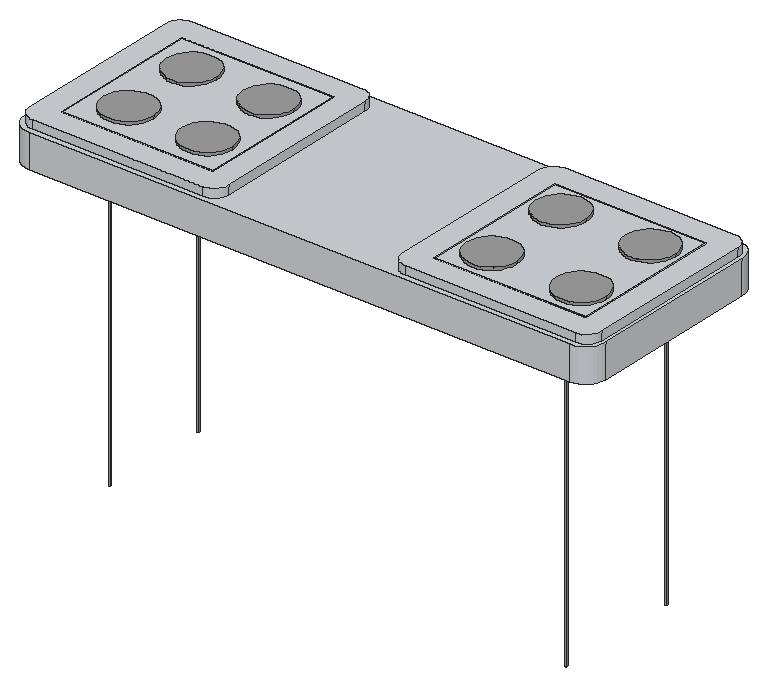
Revit family "Lighting-Industriale-GEWISS-SMART[4]HE_APPARECCHI-LED_2M_DALI", category Apparecchi per illuminazione, Revit 2019
Family settings
  Quota connettore circolare = Usa diametro
  Tipo di parte = Normale
  Numero OmniClass = 23.80.70.00
  Titolo OmniClass = Lighting
  Basato su piano di lavoro = Sì
  Sempre verticale = No
  Taglio con vuoti quando caricato = No
  Sorgente d'illuminazione = No
  Condiviso = No
  Punto di calcolo locali = No
Parameters (values of type "GWS4223AQ857 - SMART4HB 2M C.PAS.DALI ELL.57K")
  Voltaggio = 230 V
  Viti esterne = "Acciaio inox"
  Versione file RFA = "20.11"
  Vano di alimentazione = "Integrato"
  URL = "https://www.gewiss.com/it/it"
  Tolleranza cromatica = "SDCM = 3"
  Tipologia sorgente luminosa = "LED - Non sostituibile"
  Tipo di installazione e montaggio = "Plafone - Parete - Sospensione"
  Tipo di apparecchio = "Riflettore industriale a LED&nbsp;"
  Tensione di alimentazione = "220 - 240 V"
  Temperatura di stoccaggio = "-40 +70 °C"
  Temperatura di esercizio = "-30°C ÷ +50 °C"
  Temperatura di colore = "5700K"
  Superficie massima esposta al vento : = "0,184 m²"
  Spostamento_y_etichetta [instance] = 0 mm
  Spostamento_y_effettivo_etichetta [instance] = 1500 mm - Spostamento_y_etichetta  # 1500 mm
  Spostamento_x_etichetta [instance] = 0 mm
  Spostamento_X_effettivo_etichetta [instance] = 1500 mm - Spostamento_x_etichetta  # 1500 mm
  SostituibilitÃ  piastra di cablaggio = "Non sostituibile"
  SostituibilitÃ  gruppo ottico = "Non sostituibile"
  Sistema di controllo : = "DALI"
  Sistema di controllo = "1 x DALI DT6"
  Schermo = "Vetro Temprato Spessore 4mm"
  Scheda Tecnica = "https://www.gewiss.com/it/it/search?q=GWS4223AQ857"
  SEO = "High bay"
  Resistenza al filo incandescente = "850 °C"
  Resistenza agli urti = "IK08"
  Produttore = "GEWISS S.p.A."
  Potenza di sistema = "95W"
  Peso (kg): = "6,5"
  Ottica = "Ellittica"
  Offset etichetta W [instance] = 150 mm
  Norma di riferimento = "EN 60598-1 ; EN 60598-2-1 ; EN 60598-2-24"
  Modello = "GWS4223AQ857"
  Materiali = "-"
  Lumen output (lm) = "12300"
  Lampada = "LED"
  Installazione e manutenzione = "-"
  Informazioni generali = "-"
  Indice di resa cromatica = "CRI-80"
  Inclinazione = "Con accessorio staffa"
  Immagine tipo = GWL1311.jpg
  IPEA = "-"
  IFC.TypeObject = ""
  IFC.ExportType = ""
  IFC.ExportAs = ""
  IDT = "32167967fdf74962832821affbd5ec12"
  IDF = "ccb2858a-98df-48b0-bf72-33839f1a2588"
  Guarnizioni = "tipo siliconico antinvecchiamento "
  Gruppo ottico = "Riflettore in PC metallizzato e lenti in PMMA"
  Grado di protezione = "IP66"
  Garanzia = "5 anni"
  Gancio di chiusura = "-"
  Frequenza nominale (Hz) = "50/60 Hz"
  Fissaggio = "-"
  Finitura colore = "Grigio RAL 7035"
  Etichetta wattaggio [instance] = yes
  Trasformatore = none
  Struttura plafoniera = none
  Spessore plafoniera = 40 mm  # constant formula
  Default Elevation = 1219.2 mm  # constant formula
  Proiettsmart2_simb [instance] = yes
  Plafoniera bidimensionale [instance] = not(Proiettsmart2_simb)  # no
  Efficienza luminosa (lm/W) = "129"
  Durata di vita = "L90B10 (Tq+25°C) = 100.000 h - L90B10 (Tq+50°C) = 50.000 h"
  Dispositivo di protezione = "DM 6 kV / CM 10 kV"
  Descrizione = "SMART[4]HB 2M C.PAS.DALI ELL.57K"
  Creato da GEWISS S.p.A. = ""
  Corpo = "PA6 “Halogen Free” caricato fibra vetro"
  Controllo abbagliamento e luminanza = "-"
  Contesto = "Illuminazione di industrie e impianti sportivi"
  Commenti sul wattaggio = "97W"
  Colore = "Grigio RAL 7035"
  Codice digitale univoco (Datamatrix) = "Datamatrix"
  Codice Electrocod = "2444"
  Classificazione: = "-"
  Classificazione = Lighting
  Classe isolamento = "I"
  Classe fotobiologica = "RG0"
  Certificazioni e classificazioni = "-"
  Certificazione DIN 18032-3 = "Con Staffa - Kit Funi + morsetto (in approvazione)"
  Catalogo = "LIGHTING"
  Carico apparente = 97 VA
  Motore = none
  Mascherina = none
  Lunghezza = 699 mm  # constant formula
  Larghezza = 254 mm  # constant formula
  Distanza_tot_plafoniera [instance] = 350 mm
  Dist_sorg_lum = 10 mm  # constant formula
  Caratteristiche ottiche e illuminotecniche = "-"
  Caratteristiche elettriche e gestione della luce = "-"
  Cablaggio = "Con connettore stagno Gw connect"
  COBie.Tagnumber = ""
  COBie.CreatedOn = ""
  COBie.CreatebBy = ""
  COBie.ComponentRegisterItemID = ""
  COBie.Component.TagNumber = ""
  COBie.Component.Space = ""
  COBie.Component.SerialNumber = ""
  COBie.Component.InstallationDate = ""
  COBie.Component.Description = ""
  COBie.Component.BarCode = ""
  Applicazione = "Interno"
  Apparecchio a ridotta temperatura superficiale = "Si"
  Alimentatore = "Incluso"
Types (36, lengths in mm): name | Temperatura di colore | Scheda Tecnica | SEO | Ottica | Modello | Lumen output (lm) | IDT | Gruppo ottico | Efficienza luminosa (lm/W) | Descrizione | Controllo abbagliamento e luminanza
  GWS4221AA830 - SMART4HB 2M ST.AL.DALI ARR.30K | "3000K" | "https://www.gewiss.com/it/it/search?q=GWS4221AA830" | "" | "Array" | "GWS4221AA830" | "13200" | "b865a2e2c8b047d9b6bc49286984b836" | "Riflettore in PC metallizzato" | "139" | "SMART[4]HB 2M ST.AL.DALI ARR.30K" | "UGR - 25"
  GWS4221AA840 - SMART4HB 2M ST.AL.DALI ARR.40K | "4000K" | "https://www.gewiss.com/it/it/search?q=GWS4221AA840" | "" | "Array" | "GWS4221AA840" | "13800" | "b54547127707429fb9ee1206f5cd7dd9" | "Riflettore in PC metallizzato" | "145" | "SMART[4]HB 2M ST.AL.DALI ARR.40K" | "UGR - 25"
  GWS4221AA857 - SMART4HB 2M ST.AL.DALI ARR.57K | "5700K" | "https://www.gewiss.com/it/it/search?q=GWS4221AA857" | "" | "Array" | "GWS4221AA857" | "13800" | "e6f70cce2a2e43ae9fd1076ca4ec800f" | "Riflettore in PC metallizzato" | "145" | "SMART[4]HB 2M ST.AL.DALI ARR.57K" | "UGR - 25"
  GWS4221AC830 - SMART4HB 2M ST.AL.DALI ASI.30K | "3000K" | "https://www.gewiss.com/it/it/search?q=GWS4221AC830" | "High bay" | "Asimmetrica" | "GWS4221AC830" | "11900" | "80705aa437b347e2877e50831cb1adcb" | "Riflettore in PC metallizzato e lenti in PMMA" | "125" | "SMART[4]HB 2M ST.AL.DALI ASI.30K" | "-"
  GWS4221AC840 - SMART4HB 2M ST.AL.DALI ASI.40K | "4000K" | "https://www.gewiss.com/it/it/search?q=GWS4221AC840" | "High bay" | "Asimmetrica" | "GWS4221AC840" | "12500" | "1ce56aeedba34fa2abb54ff85eab14e0" | "Riflettore in PC metallizzato e lenti in PMMA" | "132" | "SMART[4]HB 2M ST.AL.DALI ASI.40K" | "-"
  GWS4221AC857 - SMART4HB 2M ST.AL.DALI ASI.57K | "5700K" | "https://www.gewiss.com/it/it/search?q=GWS4221AC857" | "High bay" | "Asimmetrica" | "GWS4221AC857" | "12500" | "bfd6b94ade564b84b2509e22f7f32121" | "Riflettore in PC metallizzato e lenti in PMMA" | "132" | "SMART[4]HB 2M ST.AL.DALI ASI.57K" | "-"
  GWS4221AF830 - SMART4HB 2M ST.AL.DALI 30° 30K | "3000K" | "https://www.gewiss.com/it/it/search?q=GWS4221AF830" | "" | "30°" | "GWS4221AF830" | "13000" | "281d607556bd41c585f14a8e0b887b9b" | "Riflettore in PC metallizzato e lenti in PMMA" | "137" | "SMART[4]HB 2M ST.AL.DALI 30° 30K" | "UGR - 19"
  GWS4221AF840 - SMART4HB 2M ST.AL.DALI 30° 40K | "4000K" | "https://www.gewiss.com/it/it/search?q=GWS4221AF840" | "" | "30°" | "GWS4221AF840" | "13700" | "395066f94ea348d5ad0ebd49f748b504" | "Riflettore in PC metallizzato e lenti in PMMA" | "144" | "SMART[4]HB 2M ST.AL.DALI 30° 40K" | "UGR - 19"
  GWS4221AF857 - SMART4HB 2M ST.AL.DALI 30° 57K | "5700K" | "https://www.gewiss.com/it/it/search?q=GWS4221AF857" | "" | "30°" | "GWS4221AF857" | "13700" | "d1fd0450565c47debc265d46141225ad" | "Riflettore in PC metallizzato e lenti in PMMA" | "144" | "SMART[4]HB 2M ST.AL.DALI 30° 57K" | "UGR - 19"
  GWS4221AH830 - SMART4HB 2M ST.AL.DALI 60° 30K | "3000K" | "https://www.gewiss.com/it/it/search?q=GWS4221AH830" | "" | "60°" | "GWS4221AH830" | "13100" | "938f944c41834f4d8f433163e20f6686" | "Riflettore in PC metallizzato e lenti in PMMA" | "138" | "SMART[4]HB 2M ST.AL.DALI 60° 30K" | "UGR - 22"
  GWS4221AH840 - SMART4HB 2M ST.AL.DALI 60° 40K | "4000K" | "https://www.gewiss.com/it/it/search?q=GWS4221AH840" | "" | "60°" | "GWS4221AH840" | "13800" | "369f6eaffee74df8a55e7fc2b71a5c7d" | "Riflettore in PC metallizzato e lenti in PMMA" | "145" | "SMART[4]HB 2M ST.AL.DALI 60° 40K" | "UGR - 22"
  GWS4221AH857 - SMART4HB 2M ST.AL.DALI 60° 57K | "5700K" | "https://www.gewiss.com/it/it/search?q=GWS4221AH857" | "" | "60°" | "GWS4221AH857" | "13800" | "792f55c4c1174e33abdd76c4346557cb" | "Riflettore in PC metallizzato e lenti in PMMA" | "145" | "SMART[4]HB 2M ST.AL.DALI 60° 57K" | "UGR - 22"
  GWS4221AP830 - SMART4HB 2M ST.AL.DALI 90° 30K | "3000K" | "https://www.gewiss.com/it/it/search?q=GWS4221AP830" | "" | "90°" | "GWS4221AP830" | "13300" | "32701e0ba8114ac5852caf331c4def78" | "Riflettore in PC metallizzato e lenti in PMMA" | "140" | "SMART[4]HB 2M ST.AL.DALI 90° 30K" | "UGR - 22"
  GWS4221AP840 - SMART4HB 2M ST.AL.DALI 90° 40K | "4000K" | "https://www.gewiss.com/it/it/search?q=GWS4221AP840" | "" | "90°" | "GWS4221AP840" | "13900" | "bd980aed2184499a849565e8af8de209" | "Riflettore in PC metallizzato e lenti in PMMA" | "146" | "SMART[4]HB 2M ST.AL.DALI 90° 40K" | "UGR - 22"
  GWS4221AP857 - SMART4HB 2M ST.AL.DALI 90° 57K | "5700K" | "https://www.gewiss.com/it/it/search?q=GWS4221AP857" | "" | "90°" | "GWS4221AP857" | "13900" | "81d9c508c6104fe1969d1fbed84eeaa1" | "Riflettore in PC metallizzato e lenti in PMMA" | "146" | "SMART[4]HB 2M ST.AL.DALI 90° 57K" | "UGR - 22"
  GWS4221AQ830 - SMART4HB 2M ST.AL.DALI ELL.30K | "3000K" | "https://www.gewiss.com/it/it/search?q=GWS4221AQ830" | "High bay" | "Ellittica" | "GWS4221AQ830" | "11800" | "cffb534a4e4249378c99dec0f11dbbad" | "Riflettore in PC metallizzato e lenti in PMMA" | "124" | "SMART[4]HB 2M ST.AL.DALI ELL.30K" | "-"
  GWS4221AQ840 - SMART4HB 2M ST.AL.DALI ELL.40K | "4000K" | "https://www.gewiss.com/it/it/search?q=GWS4221AQ840" | "High bay" | "Ellittica" | "GWS4221AQ840" | "12300" | "5fed3b31ed3f434ba84a4190ffbaf34e" | "Riflettore in PC metallizzato e lenti in PMMA" | "129" | "SMART[4]HB 2M ST.AL.DALI ELL.40K" | "-"
  GWS4221AQ857 - SMART4HB 2M ST.AL.DALI ELL.57K | "5700K" | "https://www.gewiss.com/it/it/search?q=GWS4221AQ857" | "High bay" | "Ellittica" | "GWS4221AQ857" | "12300" | "2eac35366090485890a5d355d690f073" | "Riflettore in PC metallizzato e lenti in PMMA" | "129" | "SMART[4]HB 2M ST.AL.DALI ELL.57K" | "-"
  GWS4223AA830 - SMART4HB 2M C.PAS.DALI ARR.30K | "3000K" | "https://www.gewiss.com/it/it/search?q=GWS4223AA830" | "" | "Array" | "GWS4223AA830" | "13200" | "564fa0cfe04f4f1699bce5a00328dfe3" | "Riflettore in PC metallizzato" | "139" | "SMART[4]HB 2M C.PAS.DALI ARR.30K" | "UGR - 25"
  GWS4223AA840 - SMART4HB 2M C.PAS.DALI ARR.40K | "4000K" | "https://www.gewiss.com/it/it/search?q=GWS4223AA840" | "" | "Array" | "GWS4223AA840" | "13800" | "7d10b2ce0a094a1084b2c7b7bee1310e" | "Riflettore in PC metallizzato" | "145" | "SMART[4]HB 2M C.PAS.DALI ARR.40K" | "UGR - 25"
  GWS4223AA857 - SMART4HB 2M C.PAS.DALI ARR.57K | "5700K" | "https://www.gewiss.com/it/it/search?q=GWS4223AA857" | "" | "Array" | "GWS4223AA857" | "13800" | "15c6dcb258524cca9c5cea4a57edad43" | "Riflettore in PC metallizzato" | "145" | "SMART[4]HB 2M C.PAS.DALI ARR.57K" | "UGR - 25"
  GWS4223AC830 - SMART4HB 2M C.PAS.DALI ASI.30K | "3000K" | "https://www.gewiss.com/it/it/search?q=GWS4223AC830" | "High bay" | "Asimmetrica" | "GWS4223AC830" | "11900" | "8ee71461ff374b55ac133abdc9461784" | "Riflettore in PC metallizzato e lenti in PMMA" | "125" | "SMART[4]HB 2M C.PAS.DALI ASI.30K" | "-"
  GWS4223AC840 - SMART4HB 2M C.PAS.DALI ASI.40K | "4000K" | "https://www.gewiss.com/it/it/search?q=GWS4223AC840" | "High bay" | "Asimmetrica" | "GWS4223AC840" | "12500" | "c901f6a2642b46b0948687a2b2e902c3" | "Riflettore in PC metallizzato e lenti in PMMA" | "132" | "SMART[4]HB 2M C.PAS.DALI ASI.40K" | "-"
  GWS4223AC857 - SMART4HB 2M C.PAS.DALI ASI.57K | "5700K" | "https://www.gewiss.com/it/it/search?q=GWS4223AC857" | "High bay" | "Asimmetrica" | "GWS4223AC857" | "12500" | "dde04335c46b4f93a3fea97912b7d28b" | "Riflettore in PC metallizzato e lenti in PMMA" | "132" | "SMART[4]HB 2M C.PAS.DALI ASI.57K" | "-"
  GWS4223AF830 - SMART4HB 2M C.PAS.DALI 30° 30K | "3000K" | "https://www.gewiss.com/it/it/search?q=GWS4223AF830" | "" | "30°" | "GWS4223AF830" | "13000" | "1653946d0137417b96f36f16f2bbaf13" | "Riflettore in PC metallizzato e lenti in PMMA" | "137" | "SMART[4]HB 2M C.PAS.DALI 30° 30K" | "UGR - 19"
  GWS4223AF840 - SMART4HB 2M C.PAS.DALI 30° 40K | "4000K" | "https://www.gewiss.com/it/it/search?q=GWS4223AF840" | "" | "30°" | "GWS4223AF840" | "13700" | "c0a92ffbab7848b3b0cf58a6bfcdc7ae" | "Riflettore in PC metallizzato e lenti in PMMA" | "144" | "SMART[4]HB 2M C.PAS.DALI 30° 40K" | "UGR - 19"
  GWS4223AF857 - SMART4HB 2M C.PAS.DALI 30° 57K | "5700K" | "https://www.gewiss.com/it/it/search?q=GWS4223AF857" | "" | "30°" | "GWS4223AF857" | "13700" | "30508b7da8294982b06402a14a2e3fa9" | "Riflettore in PC metallizzato e lenti in PMMA" | "144" | "SMART[4]HB 2M C.PAS.DALI 30° 57K" | "UGR - 19"
  GWS4223AH830 - SMART4HB 2M C.PAS.DALI 60° 30K | "3000K" | "https://www.gewiss.com/it/it/search?q=GWS4223AH830" | "" | "60°" | "GWS4223AH830" | "13100" | "89e126e8231f4087902cd8b49be00239" | "Riflettore in PC metallizzato e lenti in PMMA" | "138" | "SMART[4]HB 2M C.PAS.DALI 60° 30K" | "UGR - 22"
  GWS4223AH840 - SMART4HB 2M C.PAS.DALI 60° 40K | "4000K" | "https://www.gewiss.com/it/it/search?q=GWS4223AH840" | "" | "60°" | "GWS4223AH840" | "13800" | "34c185c3dc544acdb6b1852c42d50a11" | "Riflettore in PC metallizzato e lenti in PMMA" | "145" | "SMART[4]HB 2M C.PAS.DALI 60° 40K" | "UGR - 22"
  GWS4223AH857 - SMART4HB 2M C.PAS.DALI 60° 57K | "5700K" | "https://www.gewiss.com/it/it/search?q=GWS4223AH857" | "" | "60°" | "GWS4223AH857" | "13800" | "9f9d80a63a6d43a38bbe2473ef59e5b3" | "Riflettore in PC metallizzato e lenti in PMMA" | "145" | "SMART[4]HB 2M C.PAS.DALI 60° 57K" | "UGR - 22"
  GWS4223AP830 - SMART4HB 2M C.PAS.DALI 90° 30K | "3000K" | "https://www.gewiss.com/it/it/search?q=GWS4223AP830" | "" | "90°" | "GWS4223AP830" | "13300" | "761f9d89e44f40f385f9192560be381a" | "Riflettore in PC metallizzato e lenti in PMMA" | "140" | "SMART[4]HB 2M C.PAS.DALI 90° 30K" | "UGR - 22"
  GWS4223AP840 - SMART4HB 2M C.PAS.DALI 90° 40K | "4000K" | "https://www.gewiss.com/it/it/search?q=GWS4223AP840" | "" | "90°" | "GWS4223AP840" | "13900" | "b241c3769ad0415592636fb8f917034d" | "Riflettore in PC metallizzato e lenti in PMMA" | "146" | "SMART[4]HB 2M C.PAS.DALI 90° 40K" | "UGR - 22"
  GWS4223AP857 - SMART4HB 2M C.PAS.DALI 90° 57K | "5700K" | "https://www.gewiss.com/it/it/search?q=GWS4223AP857" | "" | "90°" | "GWS4223AP857" | "13900" | "97c92964d829466181c6f1e94b4793ca" | "Riflettore in PC metallizzato e lenti in PMMA" | "146" | "SMART[4]HB 2M C.PAS.DALI 90° 57K" | "UGR - 22"
  GWS4223AQ830 - SMART4HB 2M C.PAS.DALI ELL.30K | "3000K" | "https://www.gewiss.com/it/it/search?q=GWS4223AQ830" | "High bay" | "Ellittica" | "GWS4223AQ830" | "11800" | "168e43969bba4a3ca3ca2988db078bdf" | "Riflettore in PC metallizzato e lenti in PMMA" | "124" | "SMART[4]HB 2M C.PAS.DALI ELL.30K" | "-"
  GWS4223AQ840 - SMART4HB 2M C.PAS.DALI ELL.40K | "4000K" | "https://www.gewiss.com/it/it/search?q=GWS4223AQ840" | "High bay" | "Ellittica" | "GWS4223AQ840" | "12300" | "2030e09cb2f04742943c855c3525c557" | "Riflettore in PC metallizzato e lenti in PMMA" | "129" | "SMART[4]HB 2M C.PAS.DALI ELL.40K" | "-"
  GWS4223AQ857 - SMART4HB 2M C.PAS.DALI ELL.57K | "5700K" | "https://www.gewiss.com/it/it/search?q=GWS4223AQ857" | "High bay" | "Ellittica" | "GWS4223AQ857" | "12300" | "32167967fdf74962832821affbd5ec12" | "Riflettore in PC metallizzato e lenti in PMMA" | "129" | "SMART[4]HB 2M C.PAS.DALI ELL.57K" | "-"
Reference planes
  plane 1 "Asse sorgente illuminazione (F/B)": y = 0
  plane 2: z = 0
  plane 3 "Asse sorgente illuminazione (L/R)": x = 0
  plane 4 "Prospetto sorgente di illuminazione": z = 1500
  plane 5: x = -349.5
  plane 6: y = 127
  plane 7: x = 349.5
  plane 8: y = -127
  plane 9: x = 344.5
  plane 10: x = -344.5
  plane 11: x = -104.5
  plane 12: x = 104.5
  plane 13: y = -1500
  plane 14: z = 390
  plane 15: z = 390
  plane 16: z = 400
  plane 17: z = 350
  plane 18: y = 0
  plane 19: x = -1500
  plane 20: x = 0
Dimensions and locks
  equal spacing: plane 6, plane 1 "Asse sorgente illuminazione (F/B)", plane 8
  "Larghezza": plane 6 to plane 8
  equal spacing: plane 5, plane 3 "Asse sorgente illuminazione (L/R)", plane 7
  "Lunghezza": plane 5 to plane 7
  locked: plane 5 to plane 10 at 5
  locked: plane 9 to plane 7 at 5
  locked: plane 16 to plane 14 at 10
  locked: plane 15 to plane 17 at 40
  "Distanza_tot_plafoniera": plane 17 to plane 2
  plane 1 "Asse sorgente illuminazione (F/B)" to plane 13 = 1500 mm
  "Spostamento_y_effettivo_etichetta": plane 18 to plane 13
  plane 19 to plane 3 "Asse sorgente illuminazione (L/R)" = 1500 mm
  "Spostamento_X_effettivo_etichetta": plane 19 to plane 20
  aligned and locked: level to plane 2
  aligned and locked: nested 15 to plane 14
  aligned and locked: plane 14 to nested 16
  aligned and locked: plane 16 to nested 8
  aligned and locked: nested 6 to plane 16
  aligned and locked: plane 16 to nested 7
  aligned and locked: nested 5 to plane 16
  aligned and locked: nested 3 to plane 16
  aligned and locked: plane 16 to nested 1
  aligned and locked: nested 4 to plane 16
  aligned and locked: plane 16 to nested 2
  aligned and locked: nested 11 to plane 2  (x2)
  aligned and locked: nested 10 to plane 2
  aligned and locked: nested 9 to plane 2
  aligned and locked: plane 14 to plane 15
  aligned and locked: plane 17 to nested 14
  aligned and locked: nested 17 to plane 18
  aligned and locked: nested 17 to plane 20
  aligned and locked: plane 2 to nested 18
  aligned and locked: plane 2 to nested 11
Nested families
  nested 1: "Gewis - Led" at (171.717, 52, 403), type "Gewis - Led", detail levels medium+fine
  nested 2: "Gewis - Led" at (279.5, 52, 403), type "Gewis - Led", detail levels medium+fine
  nested 3: "Gewis - Led" at (171.717, -52, 403), type "Gewis - Led", detail levels medium+fine
  nested 4: "Gewis - Led" at (279.5, -52, 403), type "Gewis - Led", detail levels medium+fine
  nested 5: "Gewis - Led" at (-174.5, 45, 403) x (-1, 0, 0) z (0, 0, 1), type "Gewis - Led", detail levels medium+fine
  nested 6: "Gewis - Led" at (-269.5, 47.625, 403) x (-1, 0, 0) z (0, 0, 1), type "Gewis - Led", detail levels medium+fine
  nested 7: "Gewis - Led" at (-174.5, -47.089, 403) x (-1, 0, 0) z (0, 0, 1), type "Gewis - Led", detail levels medium+fine
  nested 8: "Gewis - Led" at (-269.5, -47.089, 403) x (-1, 0, 0) z (0, 0, 1), type "Gewis - Led", detail levels medium+fine
  nested 9: "Sospensione_ SMART LAB 4" at (274.838, 81.5, 0), Altezza sospensione <- "Distanza_tot_plafoniera", type "Sospensione_ SMART LAB 4"
    with Altezza sospensione 350 mm, Default Elevation 350 mm
  nested 10: "Sospensione_ SMART LAB 4" at (274.838, -69, 0), Altezza sospensione <- "Distanza_tot_plafoniera", type "Sospensione_ SMART LAB 4"
    with Altezza sospensione 350 mm, Default Elevation 350 mm
  nested 11: "Sospensione_ SMART LAB 4" at (-276.662, -66.5, 0), Altezza sospensione <- "Distanza_tot_plafoniera", type "Sospensione_ SMART LAB 4"
    with Altezza sospensione 350 mm, Default Elevation 350 mm
  nested 12: "PROIETTSMART - 2" at (0, 0, 0), visible <- "Proiettsmart2_simb", type "PROIETTSMART - 2"
  nested 13: "Rappr_ bidimensionale_SMART (4)  4 + 4 L " at (0, 0, 0), visible <- "Plafoniera bidimensionale", type "SMART (4)  4 + 4 L_bidimensionale "
  nested 14: "Struttura_SMART 4" at (0, 0, 390), type "SMART 4 HB - 4+4L"
  nested 15: "mascherina_SMART (4)" at (-224.5, 0, 400) x (-1, 0, 0) z (0, 0, 1), type "Maschera_smart (4) 4L", detail levels fine
  nested 16: "mascherina_SMART (4)" at (224.5, 0, 400), type "Maschera_smart (4) 4L", detail levels fine
  nested 17: "ETICHETTA LIGHT" at (0, 0, 0), type "ETICHETTA LIGHT"
  nested 18: "Sospensione_ SMART LAB 4" at (-276.662, 66.5, 0), Altezza sospensione <- "Distanza_tot_plafoniera", type "Sospensione_ SMART LAB 4"
    with Altezza sospensione 350 mm, Default Elevation 350 mm
Connectors
  electrical at (0.009, -0.098, 350), driven by "Carico apparente"
    settings: on nested 14, index 1, voltage 230 V, apparent load 0 VA, apparent load phase1 97 VA, apparent load phase2 0 VA, apparent load phase3 0 VA, power factor 1, load classification "Lighting", number of poles 2, system type 31, power factor state 1, is connector primary yes, connector utility no, sub classification motor no, connector description ""
Definition of nested family "Gewis - Led"
  Parameters (values of type "Gewis - Led")
    Vetro = none
    Raggio led = 30 mm
    Default Elevation = 1219.2 mm
    Estensione vetro = 3 mm
  Reference planes
    plane 1 "Centro (Fronte/Retro)": y = 0
    plane 2: z = 0
    plane 3 "Centro (Sinistra/Destra)": x = 0
  Forms (mm)
    Extrusion 1, solid, material <- "Vetro"
      sketch origin (0, 0, 0) x (1, 0, 0) y (0, 1, 0)
        loop
          circle (0, 0) r 30
      from -3 to 0
  Dimensions and locks
    "Estensione vetro": level to Extrusion 1
    "Raggio led": radius of Extrusion 1 sketch curve
    aligned and locked: level to plane 2
    aligned and locked: level to Extrusion 1
  Automatic sketch dimensions
    plane 1 "Centro (Fronte/Retro)" to Extrusion 1 sketch curve = 0 mm
    Extrusion 1 sketch curve to plane 3 "Centro (Sinistra/Destra)" = 0 mm
Definition of nested family "Sospensione_ SMART LAB 4"
  Parameters (values of type "Sospensione_ SMART LAB 4")
    Default Elevation = 400 mm
    Altezza sospensione [instance] = 500 mm
  Reference planes
    plane 1 "Center (Front/Back)": y = 0
    plane 2: z = 0
    plane 3 "Center (Left/Right)": x = 0
    plane 4: z = 500
    plane 5: z = 30.7
  Forms (mm)
    Extrusion 1, solid
      sketch origin (0, 0, 0) x (1, 0, 0) y (0, 1, 0)
        loop
          circle (0, -0.028) r 1.25
      from 0 to 500
  Lines and regions (mm)
    model lines, not visible
      curve 1: line (0, 0, 0) -> (0, 0, 9.482)
  Dimensions and locks
    "Altezza sospensione": plane 4 to level
    plane 2 to plane 4 = 500 mm
    aligned and locked: level to plane 2
    aligned and locked: Extrusion 1 to plane 2
    aligned and locked: plane 4 to Extrusion 1
  Automatic sketch dimensions
    Extrusion 1 sketch curve to plane 3 "Center (Left/Right)" = 0 mm
    plane 1 "Center (Front/Back)" to Extrusion 1 sketch curve = 0.028 mm
    curve 1 to plane 3 "Center (Left/Right)" = 0 mm
    curve 1 to level = 0 mm
    curve 1 to curve 1 = 9.482 mm
    radius of Extrusion 1 sketch curve = 1.25 mm
Definition of nested family "Struttura_SMART 4"
  Parameters (values of type "SMART 4 HB - 4+4L")
    Struttura plafoniera = none
    Spessore_plafoniera = 40 mm
    Lunghezza = 699 mm
    Larghezza = 254 mm
  Types (2, lengths in mm): name | Lunghezza | Larghezza
    SMART Lab (4) 4L | 383 | 253
    SMART 4 HB - 4+4L | 699 | 254
  Reference planes
    plane 1 "Asse sorgente illuminazione (F/B)": y = 0
    plane 2: z = 0
    plane 3 "Asse sorgente illuminazione (L/R)": x = 0
    plane 4 "Prospetto sorgente di illuminazione": z = -40
    plane 5 "SX": x = -349.5
    plane 6 "DX": x = 349.5
    plane 7 "DIETRO": y = 127
    plane 8 "AVANTI": y = -127
    plane 9: x = 106.5
    plane 10: x = 338.5
    plane 11: y = -116
    plane 12: y = 116
    plane 13: x = -338.5
    plane 14: x = -106.5
  Forms (mm)
    Extrusion 1, solid, material <- "Struttura plafoniera"
      sketch origin (0, 0, 0) x (1, 0, 0) y (0, 1, 0)
        loop
          line (349.5, -102.595) -> (349.5, 102.59)
          arc (349.5, 102.59) -> (342.35, 119.85) -> (325.09, 127) r 24.41
          line (325.09, 127) -> (-325.009, 127)
          arc (-325.009, 127) -> (-342.554, 119.6) -> (-349.5, 101.871) r 24.499
          line (-349.5, 101.871) -> (-349.5, -102.592)
          arc (-349.5, -102.592) -> (-342.351, -119.851) -> (-325.092, -127) r 24.408
          line (-325.092, -127) -> (325.117, -127)
          arc (325.117, -127) -> (342.334, -119.868) -> (349.465, -102.652) r 24.348
      from -40 to 0
  Dimensions and locks
    equal spacing: plane 5 "SX", plane 3 "Asse sorgente illuminazione (L/R)", plane 6 "DX"
    equal spacing: plane 7 "DIETRO", plane 1 "Asse sorgente illuminazione (F/B)", plane 8 "AVANTI"
    "Lunghezza": plane 5 "SX" to plane 6 "DX"
    "Larghezza": plane 7 "DIETRO" to plane 8 "AVANTI"
    locked: plane 7 "DIETRO" to plane 12 at 11
    locked: plane 11 to plane 8 "AVANTI" at 11
    locked: plane 10 to plane 6 "DX" at 11
    locked: plane 9 to plane 10 at 232
    plane 13 to plane 14 = 232 mm
    locked: plane 5 "SX" to plane 13 at 11
    "Spessore_plafoniera": plane 2 to plane 4 "Prospetto sorgente di illuminazione"
    aligned and locked: level to plane 2
    aligned and locked: Extrusion 1 to plane 5 "SX"
    aligned and locked: Extrusion 1 to plane 8 "AVANTI"  (x2)
    aligned and locked: plane 7 "DIETRO" to Extrusion 1
    aligned and locked: plane 6 "DX" to Extrusion 1
    aligned and locked: plane 4 "Prospetto sorgente di illuminazione" to Extrusion 1
    aligned and locked: plane 2 to Extrusion 1
  Automatic sketch dimensions
    Extrusion 1 sketch curve to plane 5 "SX" = 0 mm
    Extrusion 1 sketch curve to plane 8 "AVANTI" = 0 mm
    Extrusion 1 sketch curve to plane 7 "DIETRO" = 0 mm
    Extrusion 1 sketch curve to plane 6 "DX" = 0 mm
    plane 13 to Extrusion 1 sketch curve = 13.408 mm
    plane 13 to Extrusion 1 sketch curve = 13.491 mm
    Extrusion 1 sketch curve to plane 10 = 13.41 mm
    Extrusion 1 sketch curve to plane 10 = 13.383 mm
    plane 11 to Extrusion 1 sketch curve = 13.348 mm
    Extrusion 1 sketch curve to plane 12 = 14.129 mm
    Extrusion 1 sketch curve to Extrusion 1 sketch curve = 0.056 mm
Definition of nested family "mascherina_SMART (4)"
  Parameters (values of type "Maschera_smart (4) 4L")
    Spessore_mascherina = 10 mm
    Default Elevation = 1219.2 mm
    N.intarsi = (Lunghezza_mascherina - (Bordo * 2)) / 15 mm  # 12
    N._intarsi verticale = (Larghezza_mascherina - (Bordo * 2)) / 17 mm  # 11
    Mascherina = none
    Lunghezza_mascherina = 240 mm
    Larghezza_mascherina = 240 mm
    Distanza_intarsi v. = 41 mm  # constant formula
    Distanza_intarsi = 37 mm  # constant formula
    Bordo = 29 mm
  Reference planes
    plane 1 "Centro (Fronte/Retro)": y = 0
    plane 2: z = 0
    plane 3 "Centro (Sinistra/Destra)": x = 0
    plane 4: x = -120
    plane 5 "Dietro": y = 120
    plane 6: x = 120
    plane 7: y = -120
    plane 8: x = -91
    plane 9: y = -91
    plane 10: x = 91
    plane 11: y = 91
    plane 12: x = -83
    plane 13: y = 94.742
    plane 14: y = -95
    plane 15: z = -10
    plane 16: x = -95
    plane 17: y = 79
    plane 18: y = -79
    plane 19: x = 95
    plane 20: z = -4.799
  Forms (mm)
    Extrusion 1, solid, material <- "Mascherina"
      sketch origin (0, 0, 0) x (1, 0, 0) y (0, 1, 0)
        loop
          arc (-102.5, 120) -> (-114.874, 114.874) -> (-120, 102.5) r 17.5
          line (-120, 102.5) -> (-120, -102.5)
          arc (-120, -102.5) -> (-114.874, -114.874) -> (-102.5, -120) r 17.5
          line (-102.5, -120) -> (102.5, -120)
          arc (102.5, -120) -> (114.874, -114.874) -> (120, -102.5) r 17.5
          line (120, -102.5) -> (120, 102.5)
          arc (120, 102.5) -> (114.874, 114.874) -> (102.5, 120) r 17.5
          line (102.5, 120) -> (-102.5, 120)
        loop
          line (-91, 91) -> (-91, -91) -> (91, -91) -> (91, 91) -> (-91, 91)
      from -10 to 0
    Extrusion 2, solid, material <- "Mascherina"
      sketch origin (0, 0, 0) x (1, 0, 0) y (0, 1, 0)
        loop
          line (-91, 91) -> (-91, -91) -> (91, -91) -> (91, 91) -> (-91, 91)
      from -4.799 to 0
  Dimensions and locks
    equal spacing: plane 4, plane 3 "Centro (Sinistra/Destra)", plane 6
    "Lunghezza_mascherina": plane 4 to plane 6
    equal spacing: plane 5 "Dietro", plane 1 "Centro (Fronte/Retro)", plane 7
    "Larghezza_mascherina": plane 5 "Dietro" to plane 7
    "Bordo": plane 4 to plane 8
    "Bordo": plane 9 to plane 7
    "Bordo": plane 5 "Dietro" to plane 11
    "Bordo": plane 10 to plane 6
    "Distanza_intarsi": plane 4 to plane 12
    locked: plane 13 to plane 11 at 3.742
    "Spessore_mascherina": plane 2 to plane 15
    "Distanza_intarsi v.": plane 5 "Dietro" to plane 17
    "Distanza_intarsi v.": plane 18 to plane 7
    locked: plane 9 to plane 14 at 4
    locked: plane 16 to plane 8 at 4
    locked: plane 10 to plane 19 at 4
    locked: plane 2 to plane 20 at 4.799
    radius of Extrusion 1 sketch curve = 17.5 mm  (x4)
    aligned and locked: level to plane 2
    aligned and locked: plane 4 to Extrusion 1 sketch curve
    aligned and locked: plane 6 to Extrusion 1 sketch curve
    aligned and locked: Extrusion 1 sketch curve to plane 5 "Dietro"
    aligned and locked: Extrusion 1 sketch curve to plane 7
    aligned and locked: Extrusion 1 sketch curve to plane 11
    aligned and locked: plane 8 to Extrusion 1 sketch curve
    aligned and locked: plane 9 to Extrusion 1 sketch curve
    aligned and locked: Extrusion 1 sketch curve to plane 10
    aligned and locked: plane 2 to Extrusion 1
    aligned and locked: Extrusion 1 to plane 15
    aligned and locked: Extrusion 2 sketch curve to plane 10
    aligned and locked: plane 9 to Extrusion 2 sketch curve
    aligned and locked: plane 8 to Extrusion 2 sketch curve
    aligned and locked: Extrusion 2 sketch curve to plane 11
    aligned and locked: plane 2 to Extrusion 2
    aligned and locked: Extrusion 2 to plane 20
Definition of nested family "PROIETTSMART - 2"
  Reference planes
    plane 1 "Centro (Fronte/Retro)": y = 0
    plane 2: z = 0
    plane 3 "Centro (Sinistra/Destra)": x = 0
  Lines and regions (mm)
    model lines, in view "Livello rif."
      curve 1: line (87.132, -21.515, 0) -> (43.932, -0.008, 0)
      curve 2: line (43.932, -0.008, 0) -> (87.132, 21.758, 0)
      curve 3: line (87.132, 21.758, 0) -> (87.132, -21.515, 0)
      curve 4: line (43.932, 21.629, 0) -> (43.932, -21.645, 0)
      curve 5: line (43.932, -0.008, 0) -> (18.672, -0.008, 0)
      curve 6: line (87.132, 0.122, 0) -> (105.785, 0.122, 0)
      curve 7: line (128.701, 66.747, 0) -> (128.701, -66.747, 0)
      curve 8: line (128.701, -66.747, 0) -> (-131.299, -66.747, 0)
      curve 9: line (-131.299, -66.747, 0) -> (-131.299, 66.747, 0)
      curve 10: line (-131.299, 66.747, 0) -> (128.701, 66.747, 0)
      curve 11: line (12.311, 49.667, 0) -> (111.66, 49.667, 0)
      curve 12: line (111.66, 49.667, 0) -> (111.66, -49.683, 0)
      curve 13: line (111.66, -49.683, 0) -> (12.311, -49.683, 0)
      curve 14: line (12.311, -49.683, 0) -> (12.311, 49.667, 0)
      curve 15: line (-39.438, -21.515, 0) -> (-82.637, -0.008, 0)
      curve 16: line (-82.637, -0.008, 0) -> (-39.438, 21.758, 0)
      curve 17: line (-39.438, 21.758, 0) -> (-39.438, -21.515, 0)
      curve 18: line (-82.637, 21.629, 0) -> (-82.637, -21.645, 0)
      curve 19: line (-82.637, -0.008, 0) -> (-107.898, -0.008, 0)
      curve 20: line (-39.438, 0.122, 0) -> (-20.785, 0.122, 0)
      curve 21: line (-114.259, 49.667, 0) -> (-14.909, 49.667, 0)
      curve 22: line (-14.909, 49.667, 0) -> (-14.909, -49.683, 0)
      curve 23: line (-14.909, -49.683, 0) -> (-114.259, -49.683, 0)
      curve 24: line (-114.259, -49.683, 0) -> (-114.259, 49.667, 0)
Definition of nested family "Rappr_ bidimensionale_SMART (4)  4 + 4 L "
  Reference planes
    plane 1 "Centro (Fronte/Retro)": y = 0
    plane 2: z = 0
    plane 3 "Centro (Sinistra/Destra)": x = 0
  Lines and regions (mm)
    model lines, in view "Livello rif."
      curve 1: circle (175.602, 47.039, 0) r 28.619 normal (0, 0, 1)
      curve 2: circle (269.602, -46.961, 0) r 28.619 normal (0, 0, 1)
      curve 3: circle (175.602, -46.961, 0) r 28.619 normal (0, 0, 1)
      curve 4: circle (269.602, 47.039, 0) r 28.619 normal (0, 0, 1)
      curve 5: arc (103.203, -104.051, 0) -> (107.722, -114.924, 0) -> (118.601, -119.425, 0) r 15.398
      curve 6: arc (-118.547, -119.425, 0) -> (-107.659, -114.915, 0) -> (-103.149, -104.027, 0) r 15.398
      curve 7: arc (-103.149, 103.973, 0) -> (-107.668, 114.87, 0) -> (-118.571, 119.371, 0) r 15.398
      curve 8: arc (-326.571, 119.371, 0) -> (-337.453, 114.844, 0) -> (-341.945, 103.948, 0) r 15.398
      curve 9: arc (-341.945, -104.002, 0) -> (-337.444, -114.906, 0) -> (-326.547, -119.425, 0) r 15.398
      curve 10: arc (326.601, -119.425, 0) -> (337.498, -114.906, 0) -> (342, -104.002, 0) r 15.398
      curve 11: arc (342, 103.998, 0) -> (337.472, 114.878, 0) -> (326.577, 119.371, 0) r 15.398
      curve 12: arc (118.577, 119.371, 0) -> (107.713, 114.861, 0) -> (103.203, 103.997, 0) r 15.398
      curve 13: arc (-349.401, -104, 0) -> (-342.727, -120.168, 0) -> (-326.575, -126.881, 0) r 22.854
      curve 14: arc (-326.574, 126.827, 0) -> (-342.707, 120.133, 0) -> (-349.401, 104, 0) r 22.854
      curve 15: arc (349.455, 104, 0) -> (342.742, 120.152, 0) -> (326.574, 126.827, 0) r 22.854
      curve 16: arc (326.573, -126.881, 0) -> (342.761, -120.187, 0) -> (349.455, -104, 0) r 22.854
      curve 17: circle (-175.548, -47.093, 0) r 28.619 normal (0, 0, 1)
      curve 18: circle (-269.548, 46.907, 0) r 28.619 normal (0, 0, 1)
      curve 19: circle (-175.548, 46.907, 0) r 28.619 normal (0, 0, 1)
      curve 20: circle (-269.548, -47.093, 0) r 28.619 normal (0, 0, 1)
      curve 21: line (130.101, -92.527, 0) -> (130.101, 92.473, 0)
      curve 22: line (130.101, 92.473, 0) -> (315.101, 92.473, 0)
      curve 23: line (315.101, 92.473, 0) -> (315.101, -92.527, 0)
      curve 24: line (315.101, -92.527, 0) -> (130.101, -92.527, 0)
      curve 25: line (103.203, -104.051, 0) -> (103.203, 103.997, 0)
      curve 26: line (118.601, -119.425, 0) -> (326.601, -119.425, 0)
      curve 27: line (-326.547, -119.425, 0) -> (-118.547, -119.425, 0)
      curve 28: line (-103.149, -104.027, 0) -> (-103.149, 103.973, 0)
      curve 29: line (-326.571, 119.371, 0) -> (-118.571, 119.371, 0)
      curve 30: line (-341.945, -104.002, 0) -> (-341.945, 103.948, 0)
      curve 31: line (342, -104.002, 0) -> (342, 103.998, 0)
      curve 32: line (118.577, 119.371, 0) -> (326.577, 119.371, 0)
      curve 33: line (-349.401, -104, 0) -> (-349.401, 104, 0)
      curve 34: line (326.574, 126.827, 0) -> (-326.574, 126.827, 0)
      curve 35: line (349.455, -104, 0) -> (349.455, 104, 0)
      curve 36: line (326.573, -126.881, 0) -> (-326.575, -126.881, 0)
      curve 37: line (-130.047, -92.527, 0) -> (-315.047, -92.527, 0)
      curve 38: line (-315.047, -92.527, 0) -> (-315.047, 92.473, 0)
      curve 39: line (-315.047, 92.473, 0) -> (-130.047, 92.473, 0)
      curve 40: line (-130.047, 92.473, 0) -> (-130.047, -92.527, 0)
Definition of nested family "ETICHETTA LIGHT"
  Parameters (values of type "ETICHETTA LIGHT")
    COMMENTI = "236W"
  Reference planes
    plane 1: y = 0
    plane 2: x = 0
  Text (mm)
    label "COMMENTI" at (-0.057, 0.105, 0), shows "COMMENTI"
